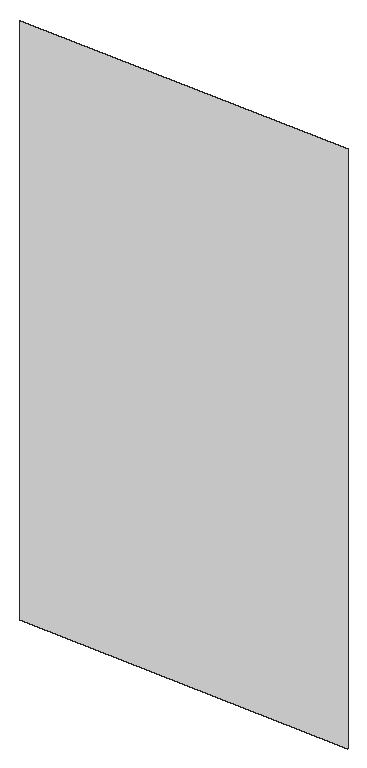
Revit family
Parameters (values of type "단일")
  폭 = 70 mm
  장착 높이 = 305 mm
  높이 = 115 mm
  재료 = 플라스틱 - 흰색
Reference planes
  plane 1: y = 0
  plane 2 "중심(왼쪽/오른쪽)": x = 125
  plane 3 "뒤로": y = 75
  plane 4: z = 305
  plane 5: x = 90
  plane 6: x = 160
  plane 7: z = 362.5
  plane 8: z = 247.5
  plane 9: y = 80
Forms (mm)
  Blend 1, solid, material "플라스틱 - 흰색" <- "재료"
    base sketch origin (0, 75, 0) x (1, 0, 0) y (0, 0, 1)
      loop
        line (160, 362.5) -> (90, 362.5) -> (90, 247.5) -> (160, 247.5) -> (160, 362.5)
    top sketch origin (0, 75, 0) x (1, 0, 0) y (0, 0, 1)
      loop
        line (155, 357.5) -> (95, 357.5) -> (95, 252.5) -> (155, 252.5) -> (155, 357.5)
    from 0 to -5
Text (mm)
  text "측면 배치" at (0, 1270.507, 3001.832), in view "왼쪽"
  text "측면 배치" at (0, 530.812, 2999.686), in view "오른쪽"
Dimensions and locks
  locked: plane 3 "뒤로" to host wall
  "높이": plane 8 to plane 7
  "폭": plane 5 to plane 6
  equal spacing: plane 8, plane 4, plane 7
  equal spacing: plane 5, plane 2 "중심(왼쪽/오른쪽)", plane 6
  "장착 높이": level to plane 4
  locked: plane 3 "뒤로" to plane 9 at 5
  aligned and locked: plane 1 to host wall
  aligned and locked: plane 6 to Blend 1 sketch curve
  aligned and locked: Blend 1 sketch curve to plane 7
  aligned and locked: plane 8 to Blend 1 sketch curve
  aligned and locked: plane 5 to Blend 1 sketch curve
  aligned and locked: plane 3 "뒤로" to Blend 1
  aligned and locked: Blend 1 to plane 9
  aligned and locked: plane 3 "뒤로" to nested 1
Automatic sketch dimensions
  Blend 1 sketch curve to plane 5 = 5 mm
  plane 6 to Blend 1 sketch curve = 5 mm
  Blend 1 sketch curve to plane 8 = 5 mm
  plane 7 to Blend 1 sketch curve = 5 mm
Nested families
  nested 1: "콘센트 주석-단일" at (125, 75, 0), type "콘센트 주석-단일"
Definition of nested family "콘센트 주석-단일"
  Reference planes
    plane 1: y = 0
    plane 2: x = 0
  Lines and regions (mm)
    detail lines
      curve 1: arc (-1.218, 2.706, 0) -> (1.219, 4.039, 0) -> (-1.218, 2.706, 0) r 1.389
      curve 2: line (0, 0.398, 0) -> (0, 4.762, 0)
